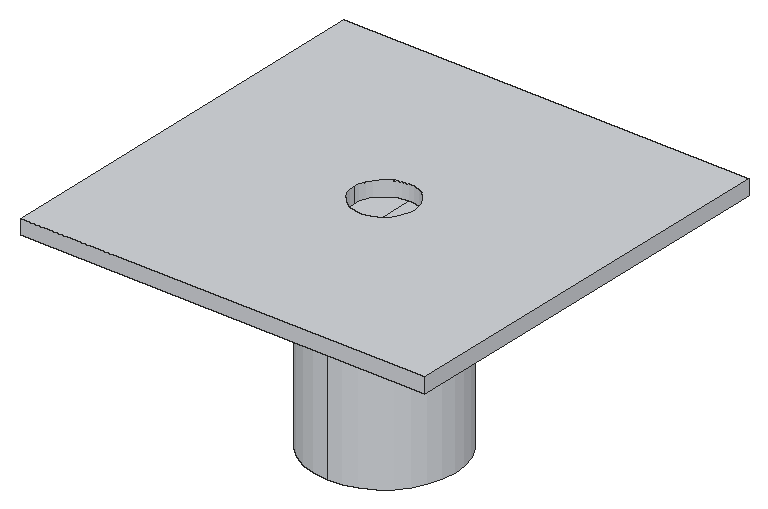
Revit family "Civic_G210", category Lighting Fixtures, Revit 2014
Parameters (values of type "Civic G210")
  Wattage Comments = "35"
  Wattage = 35 W
  built-in parameter 1150110 = 1 (stored number, unit not read)
  Type Comments = "Surface"
  Type = "Civic G210"
  built-in parameter 1114217 = 1 (stored number, unit not read)
  built-in parameter 1150109 = 1 (stored number, unit not read)
  built-in parameter 1150134 = (empty or 0)
  built-in parameter 1150113 = 1 (stored number, unit not read)
  O/A Diameter (mm) = "210"
  Model = "Civic G210"
  Manufacturer = "Designed Architectural Lighting"
  Luminous flux of luminaire (lm) = "3425"
  Lumens = 3423 lm
  built-in parameter 1150115 = 1 (stored number, unit not read)
  built-in parameter 1150105 = 1089.6 (stored number, unit not read)
  Light Source Symbol Size = 609.6 mm
  built-in parameter 1150137 = (empty or 0)
  built-in parameter 1150139 = (empty or 0)
  built-in parameter 1150112 = 1 (stored number, unit not read)
  built-in parameter 1150114 = 1 (stored number, unit not read)
  Lamp = "LED"
  built-in parameter 1150132 = (empty or 0)
  built-in parameter 1150102 = (empty or 0)
  built-in parameter 1150138 = (empty or 0)
  built-in parameter 1150107 = 3000 (stored number, unit not read)
  built-in parameter 1150106 = 10.896 (stored number, unit not read)
  Height (mm) = "305"
  built-in parameter 1150104 = 9.0859 (stored number, unit not read)
  Dimming Lamp Color Temperature Shift = <None>
  Description = "Surface mounted LED downlighter"
  Cut Out (mm) = "0"
  Colour temperature (K) = "3000"
  Color Filter = 16777215
  CRI = "80"
  built-in parameter 1114218 = 1 (stored number, unit not read)
  built-in parameter 1150133 = 10 (stored number, unit not read)
  Apparent Load = 35 VA
  Aperture (mm) = "175"
Reference planes
  plane 1 "Light Source Axis (F/B)": y = 0
  plane 2: z = 0
  plane 3 "Light Source Axis (L/R)": x = 0
  plane 4 "Light Source Elevation": z = 0
Forms (mm)
  Extrusion 1, solid
    sketch origin (-38.915, -66.181, 0) x (1, 0, 0) y (0, 1, 0)
      loop
        line (-261.085, 366.181) -> (-261.085, -233.819) -> (338.915, -233.819) -> (338.915, 366.181) -> (-261.085, 366.181)
      loop
        circle (38.915, 66.181) r 45
    from 305.168 to 327.546
  Revolve 2, solid
    sketch origin (0, 0, 0) x (0, 1, 0) y (0, 0, 1)
      loop
        line (95.296, 1.852) -> (89.072, 1.852)
        arc (89.072, 1.852) -> (70.486, 38.913) -> (39.433, 66.385) r 109.289
        line (39.433, 66.385) -> (39.433, 70.042) -> (43.936, 74.546)
        arc (43.936, 74.546) -> (44.32, 75.472) -> (43.936, 76.398) r 1.309
        line (43.936, 76.398) -> (39.788, 82.786) -> (38.126, 81.707) -> (42.074, 75.627) -> (38.538, 72.092)
        arc (38.538, 72.092) -> (38.011, 71.339) -> (37.774, 70.452) r 2.645
        line (37.774, 70.452) -> (37.774, 64.193)
        arc (37.774, 64.193) -> (68.853, 37.383) -> (87.118, 0.625) r 103.852
        line (87.118, 0.625) -> (97.118, 0.625) -> (97.118, 10.012) -> (95.296, 10.012) -> (95.296, 1.852)
      axis (0, 82.786) -> (0, 0.625)
    angle from 0 to 360
  Revolve 3, solid
    sketch origin (0, 0, 0) x (0, 1, 0) y (0, 0, 1)
      loop
        line (105.444, 294.337) -> (101.203, 294.337) -> (101.203, 0) -> (105.444, 0) -> (105.444, 294.337)
      axis (0, 294.337) -> (0, 0)
    angle from 0 to 360
  Revolve 4, solid
    sketch origin (0, 0, 0) x (0, 1, 0) y (0, 0, 1)
      loop
        line (68.161, 191.14) -> (0, 191.14) -> (0, 122.967) -> (68.161, 122.967) -> (68.161, 191.14)
      axis (0, 191.14) -> (0, 122.967)
    angle from 0 to 360
  Revolve 5, solid
    sketch origin (0, 0, 26.25) x (0, 1, 0) y (0, 0, 1)
      loop
        line (36.429, 97.293) -> (0, 97.293) -> (0, 78.94) -> (36.429, 78.94) -> (36.429, 97.293)
      axis (0, 97.293) -> (0, 78.94)
    angle from 0 to 360
  Revolve 6, solid
    sketch origin (0, 0, 0) x (0, 1, 0) y (0, 0, 1)
      loop
        line (31.899, 104.998) -> (0, 104.998) -> (0, 100.438) -> (31.899, 100.438) -> (31.899, 104.998)
      axis (0, 104.998) -> (0, 100.438)
    angle from 0 to 360
  Revolve 7, solid
    sketch origin (0, 0.222, 23.412) x (0, 1, 0) y (0, 0, 1)
      loop
        line (31.677, 77.027) -> (29.871, 77.027) -> (35.649, 47.53) -> (35.649, 42.04) -> (37.551, 42.04) -> (37.551, 47.04) -> (31.677, 77.027)
      axis (0, 77.027) -> (0, 42.04)
    angle from 0 to 360
  Revolve 8, solid
    sketch origin (0, 0, 0) x (0, 1, 0) y (0, 0, 1)
      loop
        line (92.059, 305.168) -> (0, 305.168) -> (0, 287.215) -> (92.059, 287.215) -> (92.059, 305.168)
      axis (0, 305.168) -> (0, 287.215)
    angle from 0 to 360
Dimensions and locks
  aligned and locked: plane 3 "Light Source Axis (L/R)" to imposter light
  aligned and locked: plane 1 "Light Source Axis (F/B)" to imposter light
  aligned and locked: plane 4 "Light Source Elevation" to imposter light
  aligned and locked: level to plane 2
